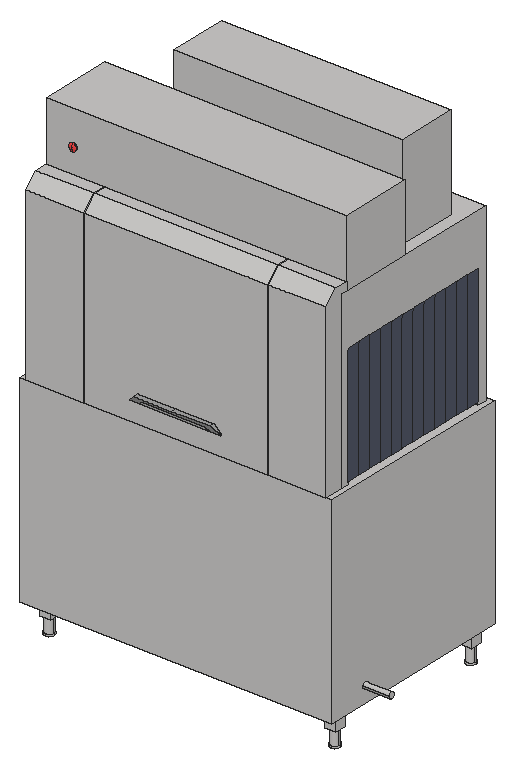
Revit family "QF_ELECTROLUXPROFESSIONAL_520425_ESR20ER6", category Specialty Equipment, Revit 2018
Family settings
  Round Connector Dimension = Use Diameter
  Part Type = Normal
  Work Plane-Based = No
  Always vertical = Yes
  Cut with Voids When Loaded = No
  Shared = No
  Room Calculation Point = No
Parameters
  Weight = 258.00 kg
  Watts = 0 W
  Volts = 0 V
  URL Manufacturer = ""
  URL = ""
  Steam Supply Size = 0 mm
  Steam Supply Minimum Pressure = 0.0 Pa
  Steam Supply Maximum Pressure = 0.0 Pa
  Steam Pounds per Hour = 0
  Show Clearance [instance] = yes
  Refrigeration Suction Line Size = 0 mm
  Refrigeration Liquid Line Size = 0 mm
  Refrigerant Compressor Remote = yes
  Manufacturer = ""
  Phase = 0
  Model = ""
  Length Actual = 1148 mm  # constant formula
  L_R [instance] = yes
  Item Number = ""
  Hot Water Size = 0 mm
  Height Actual = 1846 mm  # constant formula
  HP = "61.7 HP"
  Gas Size = 0 mm
  Gas KW = 0
  Gas Input Pressure = 0 W
  Direct Waste Size = 50.8 mm
  Description = ""
  Depth Actual = 800 mm  # constant formula
  Cycle = 0 Hz
  Condensate Return Size = 0 mm
  Compressed Air Volume = 0.0 L/s
  Compressed Air Size = 0 mm
  Compressed Air Pressure = 0.0 Pa
  Cold Water Size = 0 mm
  Accessory = yes
Types (2, lengths in mm): name | Volts | URL Manufacturer | URL | Manufacturer | Phase | Model | Item Number | Description | Cycle
  (no name) | 0 V | "" | "" | "" | 0 | "" | "" | "" | 0 Hz
  Standard | 380 V | "http://professional.electrolux.com" | "http://professional.electrolux.com" | "Electrolux Professional" | 3 | "ESR20ER6" | "520425" | "SINGLE RINSE RACK TYPE DISHWASHER,200 RACKS/HOUR,ELECTRIC,R>L,380-400V/60HZ/3N" | 60 Hz
Reference planes
  plane 1 "Centro (Fronte/Retro)": y = 0
  plane 2: z = 0
  plane 3 "Centro (Sinistra/Destra)": x = 0
  plane 4 "LEFT": x = -574
  plane 5 "RIGHT": x = 574
  plane 6 "BACK": y = 384
  plane 7 "FRONT": y = -384
  plane 8: z = 120
  plane 9: z = 1747
  plane 10: z = 858
  plane 11: z = 1501
  plane 12: z = 1846
  plane 13: x = -526
  plane 14: x = 526
  plane 15: y = -290
  plane 16: y = 336
  plane 17: y = 369
  plane 18: x = -553
  plane 19: x = 553
  plane 20: y = -318
  plane 21: x = -338
  plane 22: x = 338
  plane 23: z = 1308
  plane 24: z = 2000
  plane 25: y = 464
Forms (mm)
  Extrusion 1, solid, material "QF_Finishes_Stainless Steel"
    sketch origin (0, 0, 0) x (1, 0, 0) y (0, 1, 0)
      loop
        line (-574, 384) -> (-574, -364) -> (574, -364) -> (574, 384) -> (-574, 384)
    from 120 to 858
  Extrusion 2, solid, material "QF_Finishes_Stainless Steel"
    sketch origin (0, 0, 0) x (1, 0, 0) y (0, 1, 0)
      loop
        line (-553, 369) -> (-553, -298) -> (553, -298) -> (553, 369) -> (-553, 369)
    from 858 to 1501
  Extrusion 3, solid, material "QF_Finishes_Stainless Steel"
    sketch origin (0, 20, 0) x (0, 1, 0) y (0, 0, 1)
      loop
        line (-384, 858) -> (-318, 858) -> (-318, 1501) -> (-290, 1501) -> (-290, 1531) -> (-340, 1531) -> (-384, 1487) -> (-384, 858)
    from -553 to -338
  Extrusion 4, solid, material "QF_Finishes_Stainless Steel"
    sketch origin (500, 20, 0) x (0, 1, 0) y (0, 0, 1)
      loop
        line (-384, 858) -> (-318, 858) -> (-318, 1501) -> (-290, 1501) -> (-290, 1531) -> (-340, 1531) -> (-384, 1487) -> (-384, 858)
    from -162 to 53
  Extrusion 5, solid, material "QF_Finishes_Stainless Steel"
    sketch origin (540, 20, 0) x (0, 1, 0) y (0, 0, 1)
      loop
        line (-384, 858) -> (-318, 858) -> (-318, 1501) -> (-290, 1501) -> (-290, 1531) -> (-340, 1531) -> (-384, 1487) -> (-384, 858)
    from -878 to -202
  Extrusion 6, solid, material "QF_Finishes_Gray"
    sketch origin (540, -364, 858) x (0, 0, 1) y (-1, 0, 0)
      loop
        line (100, 540) -> (100, 680) -> (71.716, 708.284) -> (71.716, 371.716) -> (100, 400) -> (100, 540)
    from 0 to 20
  Extrusion 7, void
    sketch origin (540, -384, 858) x (0, 0, -1) y (-1, 0, 0)
      loop
        line (-71.716, 670) -> (-85.858, 655.858) -> (-85.858, 540) -> (-85.858, 424.142) -> (-71.716, 410) -> (-71.716, 670)
    from 0 to 15.552
  Extrusion 8, void
    sketch origin (0, 0, 0) x (0, 1, 0) y (0, 0, 1)
      loop
        line (-368.448, 929.716) -> (-384, 958) -> (-384, 929.716) -> (-368.448, 929.716)
    from -266.002 to 250
  Extrusion 9, solid, material "QF_Finishes_Stainless Steel"
    sketch origin (0, 0, 0) x (1, 0, 0) y (0, 1, 0)
      loop
        line (-553, -270) -> (553, -270) -> (553, 0) -> (-553, 0) -> (-553, -270)
    from 1501 to 1747
  Revolve 10, solid, material "QF_Finishes_Red"
    sketch origin (-450, 0, 0) x (0, 1, 0) y (0, 0, 1)
      loop
        line (-270, 1624.5) -> (-270, 1629.5) -> (-275.578, 1629.5) -> (-275.578, 1638.673) -> (-276.708, 1638.673)
        arc (-276.708, 1638.673) -> (-279.647, 1631.859) -> (-280.606, 1624.5) r 26.817
        line (-280.606, 1624.5) -> (-270, 1624.5)
      axis (-270, 1624.5) -> (-280.606, 1624.5)
    angle from 0 to 360
  Extrusion 11, solid, material "QF_Finishes_Stainless Steel"
    sketch origin (0, 0, 0) x (1, 0, 0) y (0, 1, 0)
      loop
        line (509, 42) -> (509, 265) -> (-334, 265) -> (-334, 42) -> (509, 42)
    from 1501 to 1846
  Extrusion 12, void
    sketch origin (-553, -318, 0) x (0, -1, 0) y (0, 0, -1)
      loop
        line (-654, -1308) -> (-53, -1308) -> (-53, -858) -> (-654, -858) -> (-654, -1308)
    from 0 to 1106
  Extrusion 13, solid, material "QF_Finishes_Navy Blue"
    sketch origin (-553, -318, 0) x (0, 1, 0) y (0, 0, -1)
      loop
        line (653, -1308) -> (653, -868) -> (604, -868) -> (604, -1308) -> (653, -1308)
      loop
        line (53, -1308) -> (102, -1308) -> (102, -868) -> (53, -868) -> (53, -1308)
      loop
        line (602, -868) -> (554, -868) -> (554, -1308) -> (602, -1308) -> (602, -868)
      loop
        line (552, -868) -> (504, -868) -> (504, -1308) -> (552, -1308) -> (552, -868)
      loop
        line (502, -868) -> (454, -868) -> (454, -1308) -> (502, -1308) -> (502, -868)
      loop
        line (452, -868) -> (404, -868) -> (404, -1308) -> (452, -1308) -> (452, -868)
      loop
        line (402, -868) -> (354, -868) -> (354, -1308) -> (402, -1308) -> (402, -868)
      loop
        line (352, -868) -> (304, -868) -> (304, -1308) -> (352, -1308) -> (352, -868)
      loop
        line (302, -868) -> (254, -868) -> (254, -1308) -> (302, -1308) -> (302, -868)
      loop
        line (252, -868) -> (204, -868) -> (204, -1308) -> (252, -1308) -> (252, -868)
      loop
        line (202, -868) -> (154, -868) -> (154, -1308) -> (202, -1308) -> (202, -868)
      loop
        line (152, -868) -> (104, -868) -> (104, -1308) -> (152, -1308) -> (152, -868)
    from 0 to -3
  Extrusion 14, solid, material "QF_Finishes_Navy Blue"
    sketch origin (553, -318, 0) x (0, 1, 0) y (0, 0, 1)
      loop
        line (653, 1308) -> (604, 1308) -> (604, 868) -> (653, 868) -> (653, 1308)
      loop
        line (53, 1308) -> (53, 868) -> (102, 868) -> (102, 1308) -> (53, 1308)
      loop
        line (602, 868) -> (602, 1308) -> (554, 1308) -> (554, 868) -> (602, 868)
      loop
        line (552, 868) -> (552, 1308) -> (504, 1308) -> (504, 868) -> (552, 868)
      loop
        line (502, 868) -> (502, 1308) -> (454, 1308) -> (454, 868) -> (502, 868)
      loop
        line (452, 868) -> (452, 1308) -> (404, 1308) -> (404, 868) -> (452, 868)
      loop
        line (402, 868) -> (402, 1308) -> (354, 1308) -> (354, 868) -> (402, 868)
      loop
        line (352, 868) -> (352, 1308) -> (304, 1308) -> (304, 868) -> (352, 868)
      loop
        line (302, 868) -> (302, 1308) -> (254, 1308) -> (254, 868) -> (302, 868)
      loop
        line (252, 868) -> (252, 1308) -> (204, 1308) -> (204, 868) -> (252, 868)
      loop
        line (202, 868) -> (202, 1308) -> (154, 1308) -> (154, 868) -> (202, 868)
      loop
        line (152, 868) -> (152, 1308) -> (104, 1308) -> (104, 868) -> (152, 868)
    from 0 to -3
  Extrusion 15, solid, material "QF_Door-Drawer Clearances", visible <- "Show Clearance", detail levels coarse
    sketch origin (453, -119.301, 494.86) x (0, 1, 0) y (0, 0, 1)
      loop
        line (-178.699, 1036.14) -> (-178.699, 1475.14) -> (-150.699, 1475.14) -> (-150.699, 1505.14) -> (-200.699, 1505.14) -> (-244.699, 1461.14) -> (-244.699, 992.14) -> (-200.699, 1036.14) -> (-178.699, 1036.14)
    from -791 to -115
  Extrusion 16, solid, material "QF_Clearance", visible <- "Show Clearance", detail levels coarse
    sketch origin (0, 0, 0) x (1, 0, 0) y (0, 1, 0)
      loop
        line (-574, 384) -> (574, 384) -> (574, 464) -> (-574, 464) -> (-574, 384)
    from 0 to 1846
  Extrusion 17, solid, material "QF_Finishes_Stainless Steel"
    sketch origin (-553, -318, 0) x (0, 1, 0) y (0, 0, -1)
      loop
        circle (104, -183) r 10
    from 21 to 121
  Extrusion 18, solid, material "QF_Finishes_Stainless Steel"
    sketch origin (553, -318, 0) x (0, 1, 0) y (0, 0, 1)
      loop
        circle (104, 183) r 10
    from 21 to 121
  Extrusion 19, solid, material "QF_Finishes_Stainless Steel"
    sketch origin (487.887, 0, -4.4) x (-1, 0, 0) y (0, 0, 1)
      loop
        circle (943.887, 1646.362) r 10
    from 0 to 35
  Extrusion 20, solid, material "QF_Finishes_Stainless Steel"
    sketch origin (-335, 265, 6.038) x (1, 0, 0) y (0, 0, -1)
      loop
        circle (204, -1740.962) r 10
    from 0 to 10
Cuts and joins
  Extrusion 7, Extrusion 12 cuts Extrusion 2
  Extrusion 7 cuts Extrusion 5
  Extrusion 7, Extrusion 8 cuts Extrusion 6
  Extrusion 12 cuts Extrusion 1
Lines and regions (mm)
  Split face 1
    outline origin (-553, -270, 0) x (1, 0, 0) y (0, 0, 1)
      loop
        line (215, 1501) -> (215, 1747)
      loop
        line (891, 1501) -> (891, 1747)
  Split face 2
    outline origin (-553, -270, 0) x (1, 0, 0) y (0, 0, 1)
      loop
        line (215, 1651) -> (310, 1651) -> (348.837, 1604.716) -> (553, 1604.716) -> (757.163, 1604.716) -> (796, 1651) -> (891, 1651)
  Split face 3
    outline origin (-553, -270, 0) x (1, 0, 0) y (0, 0, 1)
      loop
        line (482.982, 1651) -> (482.982, 1631) -> (512.982, 1631) -> (512.982, 1651) -> (482.982, 1651)
  Split face 4
    outline origin (553, -270, 0) x (-1, 0, 0) y (0, 0, -1)
      loop
        line (455.982, -1651) -> (485.982, -1651) -> (485.982, -1631) -> (455.982, -1631) -> (455.982, -1651)
  symbolic lines
    curve 1: line (-334, 265, 0) -> (509, 265, 0)
    curve 2: line (-334, 42, 0) -> (-334, 265, 0)
    curve 3: line (509, 42, 0) -> (-334, 42, 0)
    curve 4: line (509, 265, 0) -> (509, 42, 0)
    curve 5: line (-574, 384, 0) -> (574, 384, 0)
    curve 6: line (574, 384, 0) -> (574, -364, 0)
    curve 7: line (574, -364, 0) -> (-574, -364, 0)
    curve 8: line (-574, -364, 0) -> (-574, 384, 0)
    curve 9: line (-553, -364, 0) -> (-553, 369, 0)
    curve 10: line (-553, 369, 0) -> (553, 369, 0)
    curve 11: line (553, 369, 0) -> (553, -364, 0)
    curve 12: line (553, -320, 0) -> (-553, -320, 0)
    curve 13: line (-338, -364, 0) -> (-338, -270, 0)
    curve 14: line (-553, -270, 0) -> (553, -270, 0)
    curve 15: line (338, -364, 0) -> (338, -270, 0)
    curve 16: line (526, 0, 0) -> (-553, 0, 0)
    curve 23: line (-168.284, -364, 0) -> (-168.284, -368.448, 0)
    curve 24: line (-168.284, -368.448, 0) -> (-140, -384, 0)
    curve 25: line (-140, -384, 0) -> (140, -384, 0)
    curve 26: line (140, -384, 0) -> (168.284, -368.448, 0)
    curve 27: line (168.284, -368.448, 0) -> (168.284, -364, 0)
  symbolic lines, style "QF_Clearances"
    curve 17: line (-574, 384, 0) -> (-574, 464, 0)
    curve 18: line (-574, 464, 0) -> (574, 464, 0)
    curve 19: line (574, 384, 0) -> (574, 464, 0)
  symbolic lines, style "SpecialityEquipment"
    curve 20: line (-100, 129, 0) -> (100, 129, 0)
  symbolic lines, style "SpecialityEquipment", visible <- "L_R"
    curve 21: line (-100, 129, 0) -> (-50.207, 87.219, 0)
    curve 22: line (-100, 129, 0) -> (-50.207, 170.781, 0)
Dimensions and locks
  equal spacing: plane 4 "LEFT", plane 3 "Centro (Sinistra/Destra)", plane 5 "RIGHT"
  plane 4 "LEFT" to plane 5 "RIGHT" = 1148 mm
  equal spacing: plane 6 "BACK", plane 1 "Centro (Fronte/Retro)", plane 7 "FRONT"
  plane 6 "BACK" to plane 7 "FRONT" = 768 mm
  plane 12 to plane 9 to plane 11 to plane 10 to plane 8 to plane 2 = 99 mm, 246 mm, 643 mm, 738 mm, 120 mm
  plane 12 to plane 2 = 1846 mm
  locked: plane 4 "LEFT" to plane 13 at 48
  locked: plane 14 to plane 5 "RIGHT" at 48
  locked: plane 6 "BACK" to plane 16 at 48
  locked: plane 15 to plane 7 "FRONT" at 94
  locked: plane 6 "BACK" to plane 17 at 15
  locked: plane 4 "LEFT" to plane 18 at 21
  locked: plane 19 to plane 5 "RIGHT" at 21
  locked: plane 20 to plane 7 "FRONT" at 66
  locked: plane 21 to plane 18 at 215
  locked: plane 19 to plane 22 at 215
  locked: plane 23 to plane 10 at 450
  plane 24 to plane 2 = 2000 mm
  locked: plane 6 "BACK" to plane 25 at 80
  plane 9 to plane 2 = 1747 mm
  aligned and locked: level to plane 2
  aligned and locked: plane 13 to nested 1
  aligned and locked: nested 1 to plane 15
  aligned and locked: nested 2 to plane 16
  aligned and locked: plane 14 to nested 3
  aligned and locked: nested 4 to plane 16
  aligned and locked: plane 14 to nested 4
  aligned and locked: Extrusion 1 sketch curve to plane 6 "BACK"
  aligned and locked: plane 4 "LEFT" to Extrusion 1 sketch curve
  aligned and locked: Extrusion 1 sketch curve to plane 5 "RIGHT"
  aligned and locked: plane 18 to Extrusion 2 sketch curve
  aligned and locked: Extrusion 2 sketch curve to plane 19
  aligned and locked: Extrusion 2 sketch curve to plane 17
  aligned and locked: Extrusion 3 to plane 18
  aligned and locked: plane 21 to Extrusion 3
  aligned and locked: plane 19 to Extrusion 4
  aligned and locked: Extrusion 4 to plane 22
  aligned and locked: Extrusion 5 to plane 21
  aligned and locked: plane 22 to Extrusion 5
  aligned and locked: Extrusion 2 to Extrusion 3
  aligned and locked: Extrusion 1 to Extrusion 3
  aligned and locked: Extrusion 9 sketch curve to Extrusion 3
  aligned and locked: Extrusion 9 sketch curve to plane 18
  aligned and locked: Extrusion 9 sketch curve to plane 1 "Centro (Fronte/Retro)"
  aligned and locked: plane 19 to Extrusion 12
  aligned and locked: plane 4 "LEFT" to Extrusion 17
  aligned and locked: plane 19 to Extrusion 9
  aligned and locked: Extrusion 16 to plane 25
  aligned and locked: plane 9 to Extrusion 9
Automatic sketch dimensions
  plane 7 "FRONT" to Extrusion 1 sketch curve = 20 mm
  Extrusion 2 sketch curve to plane 15 = 8 mm
  Extrusion 3 sketch curve to plane 10 = 0 mm
  Extrusion 3 sketch curve to plane 11 = 0 mm
  plane 7 "FRONT" to Extrusion 3 sketch curve = 20 mm
  Extrusion 3 sketch curve to plane 20 = 2 mm
  Extrusion 3 sketch curve to plane 15 = 8 mm
  plane 15 to Extrusion 3 sketch curve = 20 mm
  Extrusion 3 sketch curve to plane 11 = 14 mm
  plane 11 to Extrusion 3 sketch curve = 30 mm
  Extrusion 4 sketch curve to plane 10 = 0 mm
  Extrusion 4 sketch curve to plane 11 = 0 mm
  plane 7 "FRONT" to Extrusion 4 sketch curve = 20 mm
  Extrusion 4 sketch curve to plane 20 = 2 mm
  Extrusion 4 sketch curve to plane 15 = 8 mm
  plane 15 to Extrusion 4 sketch curve = 20 mm
  Extrusion 4 sketch curve to plane 11 = 14 mm
  plane 11 to Extrusion 4 sketch curve = 30 mm
  Extrusion 5 sketch curve to plane 10 = 0 mm
  Extrusion 5 sketch curve to plane 11 = 0 mm
  plane 7 "FRONT" to Extrusion 5 sketch curve = 20 mm
  Extrusion 5 sketch curve to plane 20 = 2 mm
  Extrusion 5 sketch curve to plane 15 = 8 mm
  plane 15 to Extrusion 5 sketch curve = 20 mm
  Extrusion 5 sketch curve to plane 11 = 14 mm
  plane 11 to Extrusion 5 sketch curve = 30 mm
  Extrusion 6 sketch curve to plane 3 "Centro (Sinistra/Destra)" = 0 mm
  plane 10 to Extrusion 6 sketch curve = 71.716 mm
  Extrusion 6 sketch curve to Extrusion 6 sketch curve = 28.284 mm  (x3)
  plane 3 "Centro (Sinistra/Destra)" to Extrusion 6 sketch curve = 140 mm
  Extrusion 6 sketch curve to Extrusion 6 sketch curve = 140 mm
  Extrusion 7 sketch curve to Extrusion 6 = 0 mm
  Extrusion 6 to Extrusion 7 sketch curve = 14.142 mm
  Extrusion 6 to Extrusion 7 sketch curve = 27.071 mm
  Extrusion 7 sketch curve to Extrusion 7 sketch curve = 14.142 mm  (x2)
  Extrusion 7 sketch curve to Extrusion 7 sketch curve = 115.858 mm  (x2)
  Extrusion 8 sketch curve to plane 7 "FRONT" = 0 mm
  plane 7 "FRONT" to Extrusion 8 sketch curve = 15.552 mm
  plane 10 to Extrusion 8 sketch curve = 71.716 mm
  Extrusion 8 sketch curve to Extrusion 8 sketch curve = 28.284 mm
  Extrusion 9 sketch curve to plane 19 = 0 mm
  Split face 1 sketch curve to Extrusion 9 = 0 mm  (x4)
  Split face 1 sketch curve to Extrusion 9 = 215 mm  (x2)
  Split face 2 sketch curve to Extrusion 9 = 96 mm  (x2)
  Split face 2 sketch curve to Extrusion 9 = 310 mm
  Split face 2 sketch curve to Split face 2 sketch curve = 38.837 mm  (x2)
  Split face 2 sketch curve to Split face 2 sketch curve = 204.163 mm  (x2)
  Split face 2 sketch curve to Extrusion 9 = 103.716 mm
  Split face 2 sketch curve to Split face 2 sketch curve = 95 mm  (x2)
  Split face 3 sketch curve to Extrusion 9 = 116 mm
  Split face 3 sketch curve to Extrusion 9 = 482.982 mm
  Split face 3 sketch curve to Split face 3 sketch curve = 30 mm
  Split face 3 sketch curve to Split face 3 sketch curve = 20 mm
  Split face 4 sketch curve to Extrusion 9 = 116 mm
  Split face 4 sketch curve to Extrusion 9 = 455.982 mm
  Split face 4 sketch curve to Split face 4 sketch curve = 30 mm
  Split face 4 sketch curve to Split face 4 sketch curve = 20 mm
  plane 15 to Revolve 10 sketch curve = 9.394 mm
  plane 15 to Revolve 10 sketch curve = 13.292 mm
  Revolve 10 sketch curve to Revolve 10 sketch curve = 5.028 mm
  Revolve 10 sketch curve to Revolve 10 sketch curve = 5.578 mm
  Revolve 10 sketch curve to Revolve 10 sketch curve = 16.21 mm
  Revolve 10 sketch curve to plane 9 = 122.5 mm  (x2)
  Revolve 10 sketch curve to Revolve 10 sketch curve = 0.248 mm
  Revolve 10 sketch curve to Revolve 10 sketch curve = 5 mm
  Revolve 10 sketch curve to plane 7 "FRONT" = 66 mm
  Revolve 10 sketch curve to Revolve 10 sketch curve = 0 mm
  plane 21 to Extrusion 11 sketch curve = 4 mm
  Extrusion 11 sketch curve to plane 14 = 17 mm
  Extrusion 11 sketch curve to plane 1 "Centro (Fronte/Retro)" = 42 mm
  Extrusion 11 sketch curve to plane 16 = 71 mm
  Extrusion 2 to Extrusion 12 sketch curve = 0 mm
  Extrusion 12 sketch curve to Extrusion 2 = 33 mm
  Extrusion 2 to Extrusion 12 sketch curve = 33 mm
  Extrusion 12 sketch curve to Extrusion 2 = 193 mm
  Extrusion 2 to Extrusion 13 sketch curve = 10 mm  (x9)
  Extrusion 13 sketch curve to Extrusion 2 = 33 mm
  Extrusion 13 sketch curve to Extrusion 13 sketch curve = 49 mm
  Extrusion 13 sketch curve to Extrusion 13 sketch curve = 2 mm  (x11)
  Extrusion 13 sketch curve to Extrusion 13 sketch curve = 48 mm  (x10)
  Extrusion 2 to Extrusion 13 sketch curve = 34 mm
  Extrusion 13 sketch curve to Extrusion 13 sketch curve = 0 mm  (x13)
  Extrusion 2 to Extrusion 13 sketch curve = 193 mm  (x2)
  Extrusion 14 sketch curve to plane 23 = 0 mm  (x12)
  plane 10 to Extrusion 14 sketch curve = 10 mm  (x9)
  plane 15 to Extrusion 14 sketch curve = 25 mm
  Extrusion 14 sketch curve to Extrusion 14 sketch curve = 49 mm
  Extrusion 14 sketch curve to Extrusion 14 sketch curve = 2 mm  (x11)
  Extrusion 14 sketch curve to Extrusion 14 sketch curve = 48 mm  (x8)
  plane 1 "Centro (Fronte/Retro)" to Extrusion 14 sketch curve = 16 mm
  Extrusion 14 sketch curve to plane 1 "Centro (Fronte/Retro)" = 34 mm
  Extrusion 14 sketch curve to plane 16 = 1 mm
  Extrusion 14 sketch curve to Extrusion 14 sketch curve = 0 mm  (x3)
  Extrusion 15 sketch curve to plane 24 = 0 mm
  plane 7 "FRONT" to Extrusion 15 sketch curve = 20 mm
  Extrusion 15 sketch curve to plane 20 = 2 mm  (x2)
  Extrusion 15 sketch curve to plane 15 = 8 mm
  plane 15 to Extrusion 15 sketch curve = 20 mm
  Extrusion 15 sketch curve to plane 24 = 30 mm
  Extrusion 15 sketch curve to plane 24 = 44 mm
  plane 11 to Extrusion 15 sketch curve = 30 mm
  Extrusion 15 sketch curve to plane 11 = 14 mm
  Extrusion 16 sketch curve to plane 4 "LEFT" = 0 mm
  Extrusion 16 sketch curve to plane 5 "RIGHT" = 0 mm
  Extrusion 16 sketch curve to plane 6 "BACK" = 0 mm
  plane 25 to Extrusion 16 sketch curve = 0 mm
  Extrusion 17 sketch curve to Extrusion 2 = 84 mm
  Extrusion 17 sketch curve to Extrusion 2 = 675 mm
  plane 15 to Extrusion 18 sketch curve = 76 mm
  plane 8 to Extrusion 18 sketch curve = 63 mm
  plane 13 to Extrusion 19 sketch curve = 70 mm
  Extrusion 19 sketch curve to plane 9 = 105.038 mm
  Extrusion 11 to Extrusion 20 sketch curve = 99 mm
  Extrusion 20 sketch curve to Extrusion 11 = 203 mm
  curve 18 to plane 4 "LEFT" = 0 mm
  curve 12 to plane 18 = 0 mm
  curve 13 to plane 21 = 0 mm
  curve 24 to plane 7 "FRONT" = 0 mm
  curve 15 to plane 22 = 0 mm
  plane 1 "Centro (Fronte/Retro)" to curve 16 = 0 mm
  curve 16 to plane 14 = 0 mm
  plane 17 to curve 11 = 0 mm
  curve 11 to plane 19 = 0 mm
  curve 5 to plane 5 "RIGHT" = 0 mm
  curve 5 to plane 6 "BACK" = 0 mm
  plane 25 to curve 18 = 0 mm
  plane 21 to curve 2 = 4 mm
  plane 7 "FRONT" to curve 24 = 15.552 mm
  curve 24 to plane 3 "Centro (Sinistra/Destra)" = 168.284 mm
  curve 23 to curve 24 = 28.284 mm
  curve 22 to plane 3 "Centro (Sinistra/Destra)" = 100 mm
  plane 3 "Centro (Sinistra/Destra)" to curve 25 = 140 mm
  curve 4 to plane 14 = 17 mm
  curve 2 to plane 1 "Centro (Fronte/Retro)" = 42 mm
  curve 22 to plane 1 "Centro (Fronte/Retro)" = 129 mm
  curve 1 to plane 16 = 71 mm
  curve 22 to plane 3 "Centro (Sinistra/Destra)" = 50.207 mm
  curve 21 to plane 3 "Centro (Sinistra/Destra)" = 50.207 mm
  plane 3 "Centro (Sinistra/Destra)" to curve 20 = 100 mm
  curve 25 to curve 27 = 28.284 mm
  plane 7 "FRONT" to curve 26 = 15.552 mm
  curve 26 to curve 27 = 4.448 mm
  curve 12 to plane 20 = 2 mm
  plane 15 to curve 15 = 20 mm
  curve 21 to curve 20 = 41.781 mm
  curve 20 to curve 22 = 41.781 mm
  radius of Extrusion 17 sketch curve = 10 mm
  radius of Extrusion 18 sketch curve = 10 mm
  radius of Extrusion 19 sketch curve = 10 mm
  radius of Extrusion 20 sketch curve = 10 mm
Nested families
  nested 1: "Foot_40x40_H150" at (-526, -290, 0), type "Foot_40x40_H150"
  nested 2: "Foot_40x40_H150" at (-526, 336, 0), type "Foot_40x40_H150"
  nested 3: "Foot_40x40_H150" at (526, -290, 0), type "Foot_40x40_H150"
  nested 4: "Foot_40x40_H150" at (526, 336, 0), type "Foot_40x40_H150"
Connectors
  piping at (-674, -214, 183), diameter 20
    settings: on Extrusion 17, index 1, connector inside diameter 609.6 mm, connector length 0 mm, flow factor 0, pipe flow 0.0 L/s, pressure drop 0.0 Pa, fitting loss kfactor 0, connector angle 0.00°, fixture units 0, engagement length 0 mm, angle of deflection 0.00°, flow configuration 1, flow direction 2, fitting loss method 0, system type 16, joint type 0, gender type 0, connector reference index -1, connector utility 0, adjustable connector no, is connector primary yes, connector description "Drain"
  piping at (674, -214, 183), diameter 20
    settings: on Extrusion 18, index 2, connector inside diameter 609.6 mm, connector length 0 mm, flow factor 0, pipe flow 0.0 L/s, pressure drop 0.0 Pa, fitting loss kfactor 0, connector angle 0.00°, fixture units 0, engagement length 0 mm, angle of deflection 0.00°, flow configuration 1, flow direction 2, fitting loss method 0, system type 16, joint type 0, gender type 0, connector reference index -1, connector utility 0, adjustable connector no, is connector primary no, connector description "Drain"
  electrical at (-456, 35, 1641.962)
    settings: on Extrusion 19, index 3, voltage 0 V, apparent load 0 VA, apparent load phase1 0 VA, apparent load phase2 0 VA, apparent load phase3 0 VA, power factor 1, load classification "Altro", number of poles 1, system type 30, power factor state 1, is connector primary yes, connector utility no, sub classification motor no, connector description "Electrical"
  piping at (-131, 275, 1747), diameter 609.6
    settings: on Extrusion 20, index 4, connector inside diameter 609.6 mm, connector length 0 mm, flow factor 0, pipe flow 0.0 L/s, pressure drop 0.0 Pa, fitting loss kfactor 0, connector angle 0.00°, fixture units 0, engagement length 0 mm, angle of deflection 0.00°, flow configuration 0, flow direction 0, fitting loss method 0, system type 20, joint type 0, gender type 0, connector reference index -1, connector utility 0, adjustable connector no, is connector primary no, connector description "Cold Water"
Definition of nested family "Foot_40x40_H150"
  Reference planes
    plane 1 "Centro (Fronte/Retro)": y = 0
    plane 2: z = 0
    plane 3 "Centro (Sinistra/Destra)": x = 0
    plane 4: z = 120
  Forms (mm)
    Extrusion 1, solid
      sketch origin (0, 0, 0) x (1, 0, 0) y (0, 1, 0)
        loop
          circle (0, 0) r 18
      from 0 to 5
    Extrusion 2, solid
      sketch origin (0, 0, 5) x (1, 0, 0) y (0, 1, 0)
        loop
          circle (0, 0) r 15
      from 0 to 55
    Extrusion 3, solid
      sketch origin (0, 0, 60) x (1, 0, 0) y (0, 1, 0)
        loop
          line (-20, 20) -> (-20, -20) -> (20, -20) -> (20, 20) -> (-20, 20)
      from 0 to 60
  Dimensions and locks
    aligned and locked: level to plane 2
    aligned and locked: plane 4 to Extrusion 3
    aligned and locked: Extrusion 1 to level
